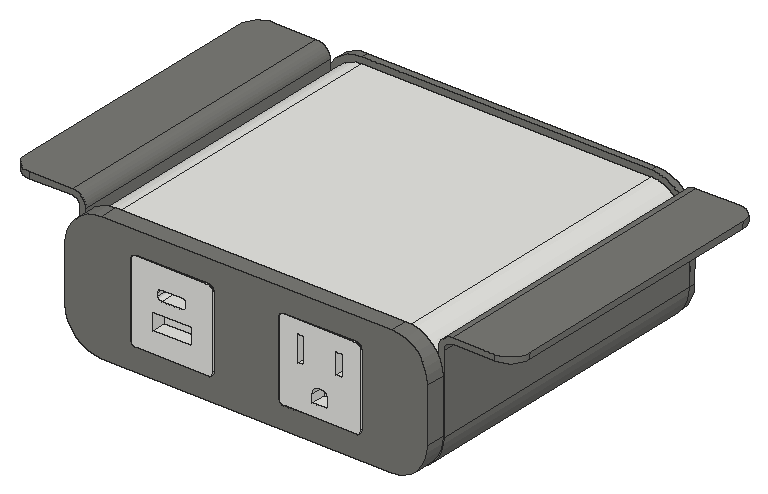
Revit family "Electrical-Teknion-MXPBP_Below_Power_Module-R2023", category Furniture, Revit 2023
Family settings
  OmniClass Number = 23.40.20.00
  OmniClass Title = General Furniture and Specialties
  Work Plane-Based = No
  Enable Cutting in Views = No
  Always vertical = Yes
  Cut with Voids When Loaded = No
  Render Appearance Source = Family Geometry
  Shared = Yes
  Room Calculation Point = No
Parameters (values of type "1 Power/ 1 USB - A+C (18W)/ 1 Power (Rear)")
  Warranty = "http://www.teknion.com/ca/papers/legal-canada"
  Unit Weight URL = "http://www.teknion.com/ca/tools/assets#&asset=bee6a381-b954-425e-8283-5a2de3a804f2,f828d448-4b62-4231-9e5f-9a8991c0ed77"
  URL = "www.teknion.com"
  To render please download texture images found here [instance] = "https://assets.teknion.com/web/5e81352c1dfdb467/revit-material-swatches/"
  Sustainability Data = "https://www.teknion.com/ca/tools/assets#&topic=216f99a5-57a0-44fc-b10a-9dee9b29ae4c&asset=444deb64-fe58-4b68-981e-f75e97781df7,b4ff2d81-9f2e-437d-9659-7cffb09c31cf"
  Series = "Expansion Meeting"  # constant formula
  Receptacle Finish [instance] = Plastic - Teknion - 8D - Atrium White
  Rear - Power = or([RA - 1 Power/ 1 USB - A+C (65W)/ 1 Power (Rear)], [RB - 1 Power/ 1 USB - A+C (18W)/ 1 Power (Rear)], [RC - 2 Power/ 1 Power (Rear)])  # yes
  Rear - HDMI = [RD - 1 Power/ 1 HDMI/ 1 HDMI (Rear)]  # no
  RD - 1 Power/ 1 HDMI/ 1 HDMI (Rear) = no
  RC - 2 Power/ 1 Power (Rear) = no
  RB - 1 Power/ 1 USB - A+C (18W)/ 1 Power (Rear) = yes
  RA - 1 Power/ 1 USB - A+C (65W)/ 1 Power (Rear) = no
  Product Page URL = "http://www.teknion.com/pricing/Expansion-meeting/pdfs/MXPBP_ppg.pdf"
  Product Line = "Electrical/Accesories"  # constant formula
  Product Documentation Link = "http://www.teknion.com/pricing/Expansion-meeting/pdfs/MXPBP_ppg.pdf"
  Part Number = "MXPBP"  # constant formula
  Model = "MXPBP_URB_"
  Manufacturer Phone = "416-661-3370"  # constant formula
  Manufacturer Fax = "416.661.4586"  # constant formula
  Manufacturer Contact Information = "http://www.teknion.com/ca/contactus"
  Manufacturer Address = "1150 Flint Road, Toronto, ON. M3J 2J5. Canada"  # constant formula
  Manufacturer = "Teknion"  # constant formula
  How To Use Teknion Materials User Guide [instance] = "https://assets.teknion.com/m/205dd0a49fa58060/original/How-to-add-a-Material-Library-and-Texture-Images-to-your-Revit-project.pdf"
  Front - USB (65W) = [RA - 1 Power/ 1 USB - A+C (65W)/ 1 Power (Rear)]  # no
  Front - USB (18W) = [RB - 1 Power/ 1 USB - A+C (18W)/ 1 Power (Rear)]  # yes
  Front - Power 2 = or([RA - 1 Power/ 1 USB - A+C (65W)/ 1 Power (Rear)], [RB - 1 Power/ 1 USB - A+C (18W)/ 1 Power (Rear)], [RC - 2 Power/ 1 Power (Rear)])  # yes
  Front - Power 1 = or([RC - 2 Power/ 1 Power (Rear)], [RD - 1 Power/ 1 HDMI/ 1 HDMI (Rear)])  # no
  Front - HDMI = [RD - 1 Power/ 1 HDMI/ 1 HDMI (Rear)]  # no
  For Additional Finishes please visit [instance] = "https://assets.teknion.com/m/44a8009b046e5d47/original/Teknion_Materials_Library.zip"
  Faceplate Finish [instance] = Paint - Teknion - Mica - Anthracite
  Description = "Below Power Module, Standard Plug-In, Standard Undermount, 1 Power/ 1 USB - A+C (18W)/ 1 Power (Rear) Configuration"
  Default Elevation = 0.000"
  Bracket Finish [instance] = Paint - Teknion - Mica - Anthracite
  Assembly Code = "E2020200"
Reference planes (in)
  plane 1 "Center Front/Back": y = 0.44001
  plane 2: z = 0
  plane 3 "Center Left/Right": x = 0.1508
  plane 4 "Left": x = -3.1366
  plane 5 "Right": x = 3.43821
  plane 6 "Back": y = 2.65882
  plane 7 "Front": y = -1.7788
  plane 8 "Top": z = 28.00005
  plane 9: x = -0.81376
  plane 10: x = 1.11537
Forms (in)
  Sweep 1, solid, material "Paint - Teknion - Mica - Anthracite" <- "Bracket Finish"
    path origin (0, 0, 0) x (1, 0, 0) y (0, 1, 0)
      loop
        line (0.1508, 2.46136) -> (0.1508, -1.51502)
    profile origin (0.1508, 0.47317, 0) x (1, 0, 0) y (0, 0, 1)
      loop
        line (-2.47785, 28.00005) -> (-2.47785, 27.92505)
        arc (-2.47785, 27.92505) -> (-2.40735, 27.89585) -> (-2.37815, 27.82535) r 0.0997
        line (-2.37815, 27.82535) -> (-2.37815, 26.79925)
        arc (-2.37815, 26.79925) -> (-2.24087, 26.46783) -> (-1.90945, 26.33055) r 0.4687
        line (-1.90945, 26.33055) -> (1.90945, 26.33055)
        arc (1.90945, 26.33055) -> (2.24087, 26.46783) -> (2.37815, 26.79925) r 0.4687
        line (2.37815, 26.79925) -> (2.37815, 27.82535)
        arc (2.37815, 27.82535) -> (2.40735, 27.89585) -> (2.47785, 27.92505) r 0.0997
        line (2.47785, 27.92505) -> (2.47785, 28.00005)
        arc (2.47785, 28.00005) -> (2.35432, 27.94888) -> (2.30315, 27.82535) r 0.1747
        line (2.30315, 27.82535) -> (2.30315, 26.79925)
        arc (2.30315, 26.79925) -> (2.18784, 26.52086) -> (1.90945, 26.40555) r 0.3937
        line (1.90945, 26.40555) -> (-1.90945, 26.40555)
        arc (-1.90945, 26.40555) -> (-2.18784, 26.52086) -> (-2.30315, 26.79925) r 0.3937
        line (-2.30315, 26.79925) -> (-2.30315, 27.82535)
        arc (-2.30315, 27.82535) -> (-2.35432, 27.94888) -> (-2.47785, 28.00005) r 0.1747
  Sweep 2, solid, material "Paint - Teknion - Mica - Anthracite" <- "Bracket Finish"
    path origin (0, 0.44001, 0) x (1, 0, 0) y (0, 0, 1)
      loop
        line (0.1508, 28.00005) -> (0.1508, 27.92505)
    profile origin (0.1508, 0.44001, 27.96255) x (0, -1, 0) y (1, 0, 0)
      loop
        line (1.95503, -2.47785) -> (-2.02135, -2.47785) -> (-2.02135, -3.03741)
        arc (-2.02135, -3.03741) -> (-1.94813, -3.21418) -> (-1.77135, -3.28741) r 0.25
        line (-1.77135, -3.28741) -> (1.70503, -3.28741)
        arc (1.70503, -3.28741) -> (1.88181, -3.21418) -> (1.95503, -3.03741) r 0.25
        line (1.95503, -3.03741) -> (1.95503, -2.47785)
      loop
        line (1.95503, 2.47785) -> (1.95503, 3.03741)
        arc (1.95503, 3.03741) -> (1.88181, 3.21418) -> (1.70503, 3.28741) r 0.25
        line (1.70503, 3.28741) -> (-1.77135, 3.28741)
        arc (-1.77135, 3.28741) -> (-1.94813, 3.21418) -> (-2.02135, 3.03741) r 0.25
        line (-2.02135, 3.03741) -> (-2.02135, 2.47785) -> (1.95503, 2.47785)
  Sweep 3, solid, material "Plastic - Teknion - 8D - Atrium White" <- "Receptacle Finish"
    path origin (0, 0, 0) x (1, 0, 0) y (0, 1, 0)
      loop
        line (0.1508, -1.70202) -> (0.1508, 2.4712)
    profile origin (0.1508, 0.38459, 0) x (-1, 0, 0) y (0, 0, 1)
      loop
        line (1.88976, 27.9213) -> (-1.88976, 27.9213)
        arc (-1.88976, 27.9213) -> (-2.17118, 27.80698) -> (-2.29316, 27.52879) r 0.40354
        line (-2.29316, 27.52879) -> (-2.30315, 27.16343) -> (-2.29316, 26.79806)
        arc (-2.29316, 26.79806) -> (-2.17118, 26.51987) -> (-1.88976, 26.40555) r 0.40354
        line (-1.88976, 26.40555) -> (1.88976, 26.40555)
        arc (1.88976, 26.40555) -> (2.17118, 26.51987) -> (2.29316, 26.79806) r 0.40354
        line (2.29316, 26.79806) -> (2.30315, 27.16343) -> (2.29316, 27.52879)
        arc (2.29316, 27.52879) -> (2.17118, 27.80698) -> (1.88976, 27.9213) r 0.40354
  Sweep 4, solid, material "Paint - Teknion - Mica - Anthracite" <- "Faceplate Finish"
    path origin (0, 0, 0) x (1, 0, 0) y (0, 1, 0)
      loop
        line (0.1508, 2.55979) -> (0.1508, 2.4712)
    profile origin (0.1508, 2.5155, 0) x (1, 0, 0) y (0, 0, 1)
      loop
        arc (-1.88976, 28.00003) -> (-2.22609, 27.8634) -> (-2.37187, 27.53094) r 0.48228
        line (-2.37187, 27.53094) -> (-2.38192, 27.16343) -> (-2.37187, 26.79592)
        arc (-2.37187, 26.79592) -> (-2.22609, 26.46345) -> (-1.88976, 26.32682) r 0.48228
        line (-1.88976, 26.32682) -> (1.88976, 26.32682)
        arc (1.88976, 26.32682) -> (2.22609, 26.46345) -> (2.37187, 26.79592) r 0.48228
        line (2.37187, 26.79592) -> (2.38192, 27.16343) -> (2.37187, 27.53094)
        arc (2.37187, 27.53094) -> (2.22609, 27.8634) -> (1.88976, 28.00003) r 0.48228
        line (1.88976, 28.00003) -> (-1.88976, 28.00003)
      loop
        line (1.88707, 27.7245) -> (-1.88707, 27.7245)
        arc (-1.88707, 27.7245) -> (-2.03117, 27.66482) -> (-2.09085, 27.52072) r 0.20378
        line (-2.09085, 27.52072) -> (-2.09085, 26.80613)
        arc (-2.09085, 26.80613) -> (-2.03117, 26.66204) -> (-1.88707, 26.60235) r 0.20378
        line (-1.88707, 26.60235) -> (1.88707, 26.60235)
        arc (1.88707, 26.60235) -> (2.03117, 26.66204) -> (2.09085, 26.80613) r 0.20378
        line (2.09085, 26.80613) -> (2.09085, 27.52072)
        arc (2.09085, 27.52072) -> (2.03117, 27.66482) -> (1.88707, 27.7245) r 0.20378
  Sweep 5, void
    path origin (0, 0, 0) x (1, 0, 0) y (0, 1, 0)
      loop
        line (0.1508, -1.58194) -> (0.1508, -1.7788)
    profile origin (0.1508, -1.68037, 0) x (1, 0, 0) y (0, 0, 1)
      loop
        line (-0.48972, 27.70597) -> (-1.43939, 27.70597)
        arc (-1.43939, 27.70597) -> (-1.48726, 27.68614) -> (-1.50709, 27.63827) r 0.0677
        line (-1.50709, 27.63827) -> (-1.50709, 26.68858)
        arc (-1.50709, 26.68858) -> (-1.48726, 26.64071) -> (-1.43939, 26.62088) r 0.0677
        line (-1.43939, 26.62088) -> (-0.48972, 26.62088)
        arc (-0.48972, 26.62088) -> (-0.44185, 26.64071) -> (-0.42203, 26.68858) r 0.0677
        line (-0.42203, 26.68858) -> (-0.42203, 27.63827)
        arc (-0.42203, 27.63827) -> (-0.44185, 27.68614) -> (-0.48972, 27.70597) r 0.0677
      loop
        line (1.43941, 27.70597) -> (0.48974, 27.70597)
        arc (0.48974, 27.70597) -> (0.44187, 27.68614) -> (0.42205, 27.63827) r 0.0677
        line (0.42205, 27.63827) -> (0.42205, 26.68858)
        arc (0.42205, 26.68858) -> (0.44187, 26.64071) -> (0.48974, 26.62088) r 0.0677
        line (0.48974, 26.62088) -> (1.43941, 26.62088)
        arc (1.43941, 26.62088) -> (1.48728, 26.64071) -> (1.50711, 26.68858) r 0.0677
        line (1.50711, 26.68858) -> (1.50711, 27.63827)
        arc (1.50711, 27.63827) -> (1.48728, 27.68614) -> (1.43941, 27.70597) r 0.0677
  Sweep 6, solid, material "Paint - Teknion - Mica - Anthracite" <- "Faceplate Finish"
    path origin (0, 0, 0) x (1, 0, 0) y (0, 1, 0)
      loop
        line (0.1508, -1.5347) -> (0.1508, -1.77092)
    profile origin (0.1508, -1.65281, 0) x (1, 0, 0) y (0, 0, 1)
      loop
        line (1.88976, 27.99312) -> (-1.88976, 27.99312)
        arc (-1.88976, 27.99312) -> (-2.2259, 27.85389) -> (-2.36513, 27.51776) r 0.47536
        line (-2.36513, 27.51776) -> (-2.36513, 26.8091)
        arc (-2.36513, 26.8091) -> (-2.2259, 26.47296) -> (-1.88976, 26.33373) r 0.47536
        line (-1.88976, 26.33373) -> (1.88976, 26.33373)
        arc (1.88976, 26.33373) -> (2.2259, 26.47296) -> (2.36513, 26.8091) r 0.47536
        line (2.36513, 26.8091) -> (2.36513, 27.51776)
        arc (2.36513, 27.51776) -> (2.2259, 27.85389) -> (1.88976, 27.99312) r 0.47536
      loop
        arc (-1.50711, 26.68977) -> (-1.48693, 26.64106) -> (-1.43823, 26.62088) r 0.06888
        line (-1.43823, 26.62088) -> (-0.49091, 26.62088)
        arc (-0.49091, 26.62088) -> (-0.4422, 26.64106) -> (-0.42203, 26.68977) r 0.06888
        line (-0.42203, 26.68977) -> (-0.42203, 27.63708)
        arc (-0.42203, 27.63708) -> (-0.4422, 27.68579) -> (-0.49091, 27.70597) r 0.06888
        line (-0.49091, 27.70597) -> (-1.43823, 27.70597)
        arc (-1.43823, 27.70597) -> (-1.48693, 27.68579) -> (-1.50711, 27.63708) r 0.06888
        line (-1.50711, 27.63708) -> (-1.50711, 26.68977)
      loop
        arc (0.42203, 26.68977) -> (0.4422, 26.64106) -> (0.49091, 26.62088) r 0.06888
        line (0.49091, 26.62088) -> (1.43823, 26.62088)
        arc (1.43823, 26.62088) -> (1.48693, 26.64106) -> (1.50711, 26.68977) r 0.06888
        line (1.50711, 26.68977) -> (1.50711, 27.63708)
        arc (1.50711, 27.63708) -> (1.48693, 27.68579) -> (1.43823, 27.70597) r 0.06888
        line (1.43823, 27.70597) -> (0.49091, 27.70597)
        arc (0.49091, 27.70597) -> (0.4422, 27.68579) -> (0.42203, 27.63708) r 0.06888
        line (0.42203, 27.63708) -> (0.42203, 26.68977)
Cuts and joins
  joined: Sweep 1, Sweep 2
  Sweep 5 cuts Sweep 3
Lines and regions (in)
  Masking region 1
    outline origin (0, 0, 0) x (1, 0, 0) y (0, 1, 0)
      loop
        line (-2.18454, 2.46136) -> (-2.8866, 2.46136)
        arc (-2.8866, 2.46136) -> (-3.06338, 2.38814) -> (-3.1366, 2.21136) r 0.25
        line (-3.1366, 2.21136) -> (-3.1366, -1.26502)
        arc (-3.1366, -1.26502) -> (-3.06338, -1.44179) -> (-2.8866, -1.51502) r 0.25
        line (-2.8866, -1.51502) -> (-2.18046, -1.51502) -> (-2.15235, -1.5347) -> (-2.21432, -1.5347) -> (-2.21432, -1.77092) -> (-1.37767, -1.77092) -> (-1.34526, -1.7788) -> (-0.28227, -1.7788) -> (-0.24986, -1.77092) -> (0.55147, -1.77092) -> (0.58387, -1.7788) -> (1.64687, -1.7788) -> (1.67927, -1.77092) -> (2.51593, -1.77092) -> (2.51593, -1.5347) -> (2.45396, -1.5347) -> (2.48207, -1.51502) -> (3.18821, -1.51502)
        arc (3.18821, -1.51502) -> (3.36498, -1.44179) -> (3.43821, -1.26502) r 0.25
        line (3.43821, -1.26502) -> (3.43821, 2.21136)
        arc (3.43821, 2.21136) -> (3.36498, 2.38814) -> (3.18821, 2.46136) r 0.25
        line (3.18821, 2.46136) -> (2.48615, 2.46136) -> (2.45396, 2.4712) -> (2.53273, 2.4712) -> (2.53273, 2.55979) -> (1.64687, 2.55979) -> (1.64687, 2.65882) -> (0.58387, 2.65882) -> (0.58387, 2.55979) -> (-2.23112, 2.55979) -> (-2.23112, 2.4712) -> (-2.15235, 2.4712) -> (-2.18454, 2.46136)
  symbolic lines
    curve 1: line (-2.15235, 2.55979, 0) -> (2.45396, 2.55979, 0)
    curve 2: line (-2.23112, 2.4712, 0) -> (2.53273, 2.4712, 0)
    curve 3: line (-2.15235, 2.4712, 0) -> (-2.15235, -1.5347, 0)
    curve 4: line (2.45396, 2.4712, 0) -> (2.45396, -1.5347, 0)
    curve 5: line (-2.21432, -1.5347, 0) -> (2.51593, -1.5347, 0)
    curve 6: line (-2.15235, -1.77092, 0) -> (2.45396, -1.77092, 0)
  symbolic lines, style "FurnitureHiddenLines", detail levels medium+fine
    curve 7: line (-2.8866, -1.51502, 0) -> (3.18821, -1.51502, 0)
    curve 8: line (3.18821, 2.46136, 0) -> (-2.8866, 2.46136, 0)
    curve 9: line (0.58387, 2.46985, 0) -> (0.58387, 2.65882, 0)
    curve 10: line (1.64687, 2.65882, 0) -> (1.64687, 2.46985, 0)
    curve 11: line (1.64687, 2.46985, 0) -> (0.58387, 2.46985, 0)
    curve 12: line (2.45396, -1.70202, 0) -> (-2.15235, -1.70202, 0)
    curve 13: line (-2.15235, -1.70202, 0) -> (-2.15235, -1.5347, 0)
    curve 14: line (2.45396, -1.70202, 0) -> (2.45396, -1.5347, 0)
    curve 15: line (-1.35631, -1.58194, 0) -> (1.65791, -1.58194, 0)
    curve 16: line (-1.35631, -1.5347, 0) -> (-1.35631, -1.77092, 0)
    curve 17: line (-1.34526, -1.58982, 0) -> (-1.34526, -1.7788, 0)
    curve 18: line (-1.34526, -1.58982, 0) -> (-0.28227, -1.58982, 0)
    curve 19: line (-0.28227, -1.58982, 0) -> (-0.28227, -1.7788, 0)
    curve 20: line (-0.27122, -1.5347, 0) -> (-0.27122, -1.77092, 0)
    curve 21: line (0.57283, -1.5347, 0) -> (0.57283, -1.77092, 0)
    curve 22: line (0.58387, -1.58982, 0) -> (1.64687, -1.58982, 0)
    curve 23: line (1.64687, -1.58982, 0) -> (1.64687, -1.7788, 0)
    curve 24: line (0.58387, -1.58982, 0) -> (0.58387, -1.7788, 0)
    curve 25: line (1.65791, -1.5347, 0) -> (1.65791, -1.77092, 0)
    curve 56: line (2.24165, 2.55979, 0) -> (2.24165, 2.4712, 0)
    curve 57: line (-1.94005, 2.55979, 0) -> (-1.94005, 2.4712, 0)
  symbolic lines, style "FurnitureHiddenLines", visible <- "Rear - HDMI", detail levels fine
    curve 26: line (0.80435, 2.46985, 0) -> (0.80435, 2.65882, 0)
    curve 27: line (1.44608, 2.65882, 0) -> (1.44608, 2.46985, 0)
  symbolic lines, style "FurnitureHiddenLines", visible <- "Rear - Power", detail levels fine
    curve 28: line (0.82206, 2.46985, 0) -> (0.82206, 2.65882, 0)
    curve 29: line (0.90868, 2.46985, 0) -> (0.90868, 2.65882, 0)
    curve 30: line (1.01301, 2.46985, 0) -> (1.01301, 2.65882, 0)
    curve 31: line (1.21773, 2.46985, 0) -> (1.21773, 2.65882, 0)
    curve 32: line (1.32206, 2.46985, 0) -> (1.32206, 2.65882, 0)
    curve 33: line (1.40868, 2.46985, 0) -> (1.40868, 2.65882, 0)
  symbolic lines, style "FurnitureHiddenLines", visible <- "Front - Power 1", detail levels fine
    curve 34: line (-1.10707, -1.58982, 0) -> (-1.10707, -1.7788, 0)
    curve 35: line (-1.02046, -1.58982, 0) -> (-1.02046, -1.7788, 0)
    curve 36: line (-0.91613, -1.58982, 0) -> (-0.91613, -1.7788, 0)
    curve 37: line (-0.7114, -1.58982, 0) -> (-0.7114, -1.7788, 0)
    curve 38: line (-0.60707, -1.58982, 0) -> (-0.60707, -1.7788, 0)
    curve 39: line (-0.52046, -1.58982, 0) -> (-0.52046, -1.7788, 0)
  symbolic lines, style "FurnitureHiddenLines", visible <- "Front - USB (65W)", detail levels fine
    curve 40: line (-1.07508, -1.7788, 0) -> (-1.07508, -1.58982, 0)
    curve 41: line (-0.85264, -1.58982, 0) -> (-0.85264, -1.7788, 0)
    curve 42: line (-0.69024, -1.58982, 0) -> (-0.69024, -1.7788, 0)
    curve 43: line (-0.55245, -1.58982, 0) -> (-0.55245, -1.7788, 0)
  symbolic lines, style "FurnitureHiddenLines", visible <- "Front - USB (18W)", detail levels fine
    curve 44: line (-1.07262, -1.58982, 0) -> (-1.07262, -1.7788, 0)
    curve 45: line (-0.99684, -1.58982, 0) -> (-0.99684, -1.7788, 0)
    curve 46: line (-0.63069, -1.58982, 0) -> (-0.63069, -1.7788, 0)
    curve 47: line (-0.55491, -1.58982, 0) -> (-0.55491, -1.7788, 0)
  symbolic lines, style "FurnitureHiddenLines", visible <- "Front - HDMI", detail levels fine
    curve 48: line (0.78466, -1.7788, 0) -> (0.78466, -1.58982, 0)
    curve 49: line (1.42639, -1.58982, 0) -> (1.42639, -1.7788, 0)
  symbolic lines, style "FurnitureHiddenLines", visible <- "Front - Power 2", detail levels fine
    curve 50: line (0.82206, -1.58982, 0) -> (0.82206, -1.7788, 0)
    curve 51: line (0.90868, -1.58982, 0) -> (0.90868, -1.7788, 0)
    curve 52: line (1.01301, -1.58982, 0) -> (1.01301, -1.7788, 0)
    curve 53: line (1.21773, -1.58982, 0) -> (1.21773, -1.7788, 0)
    curve 54: line (1.32206, -1.58982, 0) -> (1.32206, -1.7788, 0)
    curve 55: line (1.40868, -1.58982, 0) -> (1.40868, -1.7788, 0)
Dimensions and locks (in)
  plane 4 "Left" to plane 5 "Right" = 6.57481"
  plane 6 "Back" to plane 7 "Front" = 4.43762"
  locked: plane 8 "Top" to level at 28.00005
  equal spacing: plane 6 "Back", plane 1 "Center Front/Back", plane 7 "Front"
  equal spacing: plane 4 "Left", plane 3 "Center Left/Right", plane 5 "Right"
  aligned and locked: level to plane 2
  aligned and locked: nested 5 to plane 10
  aligned and locked: nested 5 to plane 6 "Back"
  aligned and locked: nested 3 to plane 10
  aligned and locked: nested 3 to plane 6 "Back"
  aligned and locked: plane 10 to nested 4
  aligned and locked: nested 4 to plane 7 "Front"
  aligned and locked: plane 10 to nested 6
  aligned and locked: nested 6 to plane 7 "Front"
  aligned and locked: nested 1 to plane 9
  aligned and locked: nested 1 to plane 7 "Front"
  aligned and locked: nested 2 to plane 9
  aligned and locked: nested 2 to plane 7 "Front"
  aligned and locked: nested 7 to plane 9
  aligned and locked: nested 7 to plane 7 "Front"
Automatic sketch dimensions
  Sweep 1 sketch curve to plane 3 "Center Left/Right" = 0.000"
  Sweep 1 sketch curve to plane 7 "Front" = 0.26378"
  Sweep 1 sketch curve to plane 6 "Back" = 0.19746"
  Sweep 1 sketch curve to Sweep 1 sketch curve = 0.000"  (x8)
  profile plane to Sweep 1 sketch curve = 2.47785"
  Sweep 1 sketch curve to Sweep 1 sketch curve = 0.0997"  (x2)
  Sweep 1 sketch curve to Sweep 1 sketch curve = 0.075"
  Sweep 1 sketch curve to Sweep 1 sketch curve = 0.3937"  (x2)
  Sweep 1 sketch curve to profile plane = 1.90945"
  level to Sweep 1 sketch curve = 26.33055"
  Sweep 1 sketch curve to Sweep 1 sketch curve = 1.0261"  (x2)
  Sweep 2 sketch curve to plane 8 "Top" = 0.000"
  Sweep 2 sketch curve to plane 8 "Top" = 0.075"
  plane 4 "Left" to Sweep 2 sketch curve = 3.28741"
  Sweep 2 sketch curve to plane 1 "Center Front/Back" = 2.02135"  (x2)
  Sweep 2 sketch curve to Sweep 2 sketch curve = 0.250"  (x4)
  plane 1 "Center Front/Back" to Sweep 2 sketch curve = 1.70503"  (x2)
  profile plane to Sweep 2 sketch curve = 3.28741"
  Sweep 2 sketch curve to Sweep 2 sketch curve = 0.55955"  (x2)
  Sweep 2 sketch curve to profile plane = 2.47785"
  Sweep 3 sketch curve to plane 6 "Back" = 0.18762"
  plane 4 "Left" to Sweep 3 sketch curve = 3.28741"
  Sweep 3 sketch curve to plane 7 "Front" = 0.07677"
  profile plane to Sweep 3 sketch curve = 2.30315"
  Sweep 3 sketch curve to Sweep 3 sketch curve = 0.010"  (x3)
  Sweep 3 sketch curve to Sweep 3 sketch curve = 0.40339"  (x4)
  Sweep 3 sketch curve to profile plane = 1.88976"
  Sweep 3 sketch curve to Sweep 3 sketch curve = 0.000"
  level to Sweep 3 sketch curve = 26.40555"
  Sweep 3 sketch curve to Sweep 3 sketch curve = 0.39251"  (x2)
  Sweep 3 sketch curve to Sweep 3 sketch curve = 0.36537"  (x3)
  Sweep 3 sketch curve to Sweep 3 sketch curve = 0.35433"  (x2)
  Sweep 4 sketch curve to plane 6 "Back" = 0.18762"
  plane 4 "Left" to Sweep 4 sketch curve = 3.28741"
  Sweep 4 sketch curve to Sweep 4 sketch curve = 0.08858"
  plane 7 "Front" to Sweep 5 sketch curve = 0.000"
  plane 3 "Center Left/Right" to Sweep 5 sketch curve = 0.000"
  Sweep 5 sketch curve to plane 7 "Front" = 0.19685"
  profile plane to Sweep 5 sketch curve = 1.50709"
  Sweep 5 sketch curve to Sweep 5 sketch curve = 0.0677"  (x7)
  profile plane to Sweep 5 sketch curve = 0.48972"  (x2)
  Sweep 5 sketch curve to profile plane = 0.42205"
  Sweep 5 sketch curve to Sweep 5 sketch curve = 0.94967"  (x2)
  level to Sweep 5 sketch curve = 26.62088"
  Sweep 5 sketch curve to Sweep 5 sketch curve = 0.94969"  (x2)
  Sweep 6 sketch curve to plane 3 "Center Left/Right" = 0.000"
  Sweep 6 sketch curve to plane 7 "Front" = 0.00787"
  Sweep 6 sketch curve to Sweep 6 sketch curve = 0.23622"
  profile plane to Sweep 6 sketch curve = 2.36513"
  Sweep 6 sketch curve to Sweep 6 sketch curve = 0.47536"  (x3)
  Sweep 6 sketch curve to profile plane = 1.88976"
  Sweep 6 sketch curve to Sweep 6 sketch curve = 0.000"  (x8)
  level to Sweep 6 sketch curve = 26.33373"
  Sweep 6 sketch curve to Sweep 6 sketch curve = 0.70866"
  Sweep 6 sketch curve to Sweep 6 sketch curve = 0.38266"
  Sweep 6 sketch curve to Sweep 6 sketch curve = 0.06888"  (x7)
  profile plane to Sweep 6 sketch curve = 0.49091"  (x2)
  Sweep 6 sketch curve to Sweep 6 sketch curve = 0.18821"  (x2)
  Sweep 6 sketch curve to Sweep 6 sketch curve = 0.11933"  (x2)
  Sweep 6 sketch curve to profile plane = 0.42203"
  Sweep 6 sketch curve to Sweep 6 sketch curve = 0.45154"  (x2)
  Masking region 1 sketch curve to plane 4 "Left" = 0.000"
  plane 7 "Front" to Masking region 1 sketch curve = 0.000"  (x2)
  Masking region 1 sketch curve to plane 6 "Back" = 0.000"
  Masking region 1 sketch curve to plane 5 "Right" = 0.000"
  plane 4 "Left" to Masking region 1 sketch curve = 0.250"  (x2)
  Masking region 1 sketch curve to plane 6 "Back" = 0.09903"  (x2)
  Masking region 1 sketch curve to Masking region 1 sketch curve = 0.65548"
  Masking region 1 sketch curve to plane 7 "Front" = 0.00787"  (x3)
  Masking region 1 sketch curve to Masking region 1 sketch curve = 0.67228"
  Masking region 1 sketch curve to Masking region 1 sketch curve = 0.04658"  (x2)
  Masking region 1 sketch curve to Masking region 1 sketch curve = 0.03386"
  Masking region 1 sketch curve to Masking region 1 sketch curve = 0.02811"  (x2)
  Masking region 1 sketch curve to plane 6 "Back" = 0.18762"  (x2)
  Masking region 1 sketch curve to Masking region 1 sketch curve = 0.03219"  (x2)
  plane 9 to Masking region 1 sketch curve = 0.5639"
  Masking region 1 sketch curve to Masking region 1 sketch curve = 0.03241"  (x4)
  Masking region 1 sketch curve to plane 3 "Center Left/Right" = 0.43307"
  plane 3 "Center Left/Right" to Masking region 1 sketch curve = 0.43307"  (x2)
  plane 10 to Masking region 1 sketch curve = 0.5315"  (x2)
  Masking region 1 sketch curve to Masking region 1 sketch curve = 0.80709"  (x2)
  Masking region 1 sketch curve to plane 7 "Front" = 0.24409"  (x2)
  Masking region 1 sketch curve to plane 7 "Front" = 0.26378"
  Masking region 1 sketch curve to plane 6 "Back" = 0.19746"
  Masking region 1 sketch curve to Masking region 1 sketch curve = 0.06197"
  Masking region 1 sketch curve to Masking region 1 sketch curve = 0.250"  (x2)
  Masking region 1 sketch curve to Masking region 1 sketch curve = 0.01969"
  Masking region 1 sketch curve to plane 6 "Back" = 0.44746"
  profile plane to Sweep 4 sketch curve = 2.38192"
  Sweep 4 sketch curve to Sweep 4 sketch curve = 0.01006"  (x3)
  Sweep 4 sketch curve to Sweep 4 sketch curve = 0.28102"  (x3)
  Sweep 4 sketch curve to Sweep 4 sketch curve = 0.20109"  (x3)
  Sweep 4 sketch curve to Sweep 4 sketch curve = 0.00269"  (x4)
  Sweep 4 sketch curve to profile plane = 1.88707"
  Sweep 4 sketch curve to Sweep 4 sketch curve = 0.000"
  level to Sweep 4 sketch curve = 26.32682"
  Sweep 4 sketch curve to Sweep 4 sketch curve = 0.27553"
  Sweep 4 sketch curve to Sweep 4 sketch curve = 0.01021"  (x3)
  Sweep 4 sketch curve to Sweep 4 sketch curve = 0.36751"  (x2)
  Sweep 4 sketch curve to Sweep 4 sketch curve = 0.35432"  (x2)
  Sweep 4 sketch curve to Sweep 4 sketch curve = 0.00298"
  plane 7 "Front" to curve 17 = 0.000"
  plane 7 "Front" to curve 34 = 0.000"
  plane 7 "Front" to curve 40 = 0.000"
  plane 7 "Front" to curve 44 = 0.000"
  plane 7 "Front" to curve 35 = 0.000"
  plane 7 "Front" to curve 45 = 0.000"
  plane 7 "Front" to curve 36 = 0.000"
  plane 7 "Front" to curve 41 = 0.000"
  plane 7 "Front" to curve 37 = 0.000"
  plane 7 "Front" to curve 42 = 0.000"
  plane 7 "Front" to curve 46 = 0.000"
  plane 7 "Front" to curve 38 = 0.000"
  plane 7 "Front" to curve 47 = 0.000"
  plane 7 "Front" to curve 43 = 0.000"
  plane 7 "Front" to curve 39 = 0.000"
  plane 7 "Front" to curve 19 = 0.000"
  plane 7 "Front" to curve 24 = 0.000"
  curve 9 to plane 6 "Back" = 0.000"
  plane 7 "Front" to curve 48 = 0.000"
  curve 26 to plane 6 "Back" = 0.000"
  plane 7 "Front" to curve 50 = 0.000"
  curve 28 to plane 6 "Back" = 0.000"
  plane 7 "Front" to curve 51 = 0.000"
  curve 29 to plane 6 "Back" = 0.000"
  curve 30 to plane 6 "Back" = 0.000"
  plane 7 "Front" to curve 52 = 0.000"
  plane 7 "Front" to curve 53 = 0.000"
  curve 31 to plane 6 "Back" = 0.000"
  plane 7 "Front" to curve 54 = 0.000"
  curve 32 to plane 6 "Back" = 0.000"
  curve 33 to plane 6 "Back" = 0.000"
  plane 7 "Front" to curve 55 = 0.000"
  plane 7 "Front" to curve 49 = 0.000"
  curve 27 to plane 6 "Back" = 0.000"
  curve 10 to plane 6 "Back" = 0.000"
  plane 7 "Front" to curve 23 = 0.000"
  curve 3 to plane 7 "Front" = 0.24409"
  plane 4 "Left" to curve 3 = 0.98425"
  curve 18 to plane 7 "Front" = 0.18898"
  plane 9 to curve 18 = 0.5315"
  curve 18 to plane 3 "Center Left/Right" = 0.43307"
  curve 11 to plane 6 "Back" = 0.18898"
  plane 3 "Center Left/Right" to curve 11 = 0.43307"
  curve 22 to plane 7 "Front" = 0.18898"
  plane 3 "Center Left/Right" to curve 22 = 0.43307"
  plane 10 to curve 23 = 0.5315"
  plane 10 to curve 10 = 0.5315"
  curve 4 to plane 7 "Front" = 0.24409"
  curve 22 to curve 4 = 0.80709"
  curve 14 to plane 7 "Front" = 0.07677"
  curve 5 to curve 3 = 0.06197"
  curve 2 to curve 3 = 0.07877"
  plane 4 "Left" to curve 7 = 0.250"
  plane 4 "Left" to curve 8 = 0.250"
  curve 6 to plane 7 "Front" = 0.00787"
  curve 6 to curve 12 = 0.000"  (x2)
  curve 1 to curve 3 = 0.000"
  curve 57 to plane 6 "Back" = 0.09903"
  curve 1 to curve 57 = 0.2123"
  curve 16 to curve 17 = 0.01105"
  curve 17 to curve 34 = 0.23819"
  curve 34 to curve 40 = 0.03199"
  curve 40 to curve 44 = 0.00246"
  curve 44 to curve 35 = 0.05217"
  curve 35 to curve 45 = 0.02362"
  curve 45 to curve 36 = 0.08071"
  plane 9 to curve 41 = 0.03888"
  curve 37 to plane 9 = 0.10236"
  curve 37 to curve 42 = 0.02116"
  curve 42 to curve 46 = 0.05955"
  curve 46 to curve 38 = 0.02362"
  curve 38 to curve 47 = 0.05217"
  curve 47 to curve 43 = 0.00246"
  curve 43 to curve 39 = 0.03199"
  curve 18 to curve 20 = 0.01105"
  curve 21 to curve 24 = 0.01105"
  curve 24 to curve 48 = 0.20079"
  curve 9 to curve 26 = 0.22047"
  curve 26 to curve 28 = 0.01772"
  curve 48 to curve 50 = 0.0374"
  curve 50 to curve 51 = 0.08661"
  curve 28 to curve 29 = 0.08661"
  curve 30 to plane 10 = 0.10236"
  curve 52 to plane 10 = 0.10236"
  plane 10 to curve 53 = 0.10236"
  plane 10 to curve 31 = 0.10236"
  curve 53 to curve 54 = 0.10433"
  curve 31 to curve 32 = 0.10433"
  curve 32 to curve 33 = 0.08661"
  curve 54 to curve 55 = 0.08661"
  curve 55 to curve 49 = 0.01772"
  curve 33 to curve 27 = 0.0374"
  curve 23 to curve 25 = 0.01105"
  curve 56 to curve 4 = 0.2123"
  curve 1 to curve 4 = 0.000"
  curve 4 to curve 5 = 0.06197"
  curve 4 to curve 2 = 0.07877"
  plane 5 "Right" to curve 7 = 0.250"
  plane 5 "Right" to curve 8 = 0.250"
  curve 17 to curve 15 = 0.00787"
  curve 18 to curve 20 = 0.05512"
  curve 7 to plane 7 "Front" = 0.26378"
  curve 8 to plane 6 "Back" = 0.19746"
  curve 4 to curve 1 = 0.08858"
Nested families (in)
  nested 1: "USB - A + C (65W)" at (-0.86317, -1.71143, 0), visible <- "Front - USB (65W)", Receptacle Finish <- "Receptacle Finish", type "USB - A + C (65W)"
    with To render please download texture images found here "https://assets.teknion.com/web/5e81352c1dfdb467/revit-material-swatches/", Receptacle Finish Plastic - Teknion - 8D - Atrium White, How To Use Teknion Materials User Guide "https://assets.teknion.com/m/205dd0a49fa58060/original/How-to-add-a-Material-Library-and-Texture-Images-to-your-Revit-project.pdf", For Additional Finishes please visit "https://assets.teknion.com/m/44a8009b046e5d47/original/Teknion_Materials_Library.zip"
  nested 2: "USB - A + C (18W)" at (-0.86317, -1.71143, 0), visible <- "Front - USB (18W)", Receptacle Finish <- "Receptacle Finish", type "USB - A + C (18W)"
    with To render please download texture images found here "https://assets.teknion.com/web/5e81352c1dfdb467/revit-material-swatches/", Receptacle Finish Plastic - Teknion - 8D - Atrium White, How To Use Teknion Materials User Guide "https://assets.teknion.com/m/205dd0a49fa58060/original/How-to-add-a-Material-Library-and-Texture-Images-to-your-Revit-project.pdf", For Additional Finishes please visit "https://assets.teknion.com/m/44a8009b046e5d47/original/Teknion_Materials_Library.zip"
  nested 3: "HDMI" at (1.16477, 2.59146, 0) x (-1, 0, 0) z (0, 0, 1), visible <- "Rear - HDMI", Receptacle Finish <- "Receptacle Finish", type "HDMI"
    with To render please download texture images found here "https://assets.teknion.com/web/5e81352c1dfdb467/revit-material-swatches/", Receptacle Finish Plastic - Teknion - 8D - Atrium White, How To Use Teknion Materials User Guide "https://assets.teknion.com/m/205dd0a49fa58060/original/How-to-add-a-Material-Library-and-Texture-Images-to-your-Revit-project.pdf", For Additional Finishes please visit "https://assets.teknion.com/m/44a8009b046e5d47/original/Teknion_Materials_Library.zip"
  nested 4: "Power" at (1.06597, -1.71143, 0), visible <- "Front - Power 2", Receptacle Finish <- "Receptacle Finish", type "Power"
    with To render please download texture images found here "https://assets.teknion.com/web/5e81352c1dfdb467/revit-material-swatches/", Receptacle Finish Plastic - Teknion - 8D - Atrium White, How To Use Teknion Materials User Guide "https://assets.teknion.com/m/205dd0a49fa58060/original/How-to-add-a-Material-Library-and-Texture-Images-to-your-Revit-project.pdf", For Additional Finishes please visit "https://assets.teknion.com/m/44a8009b046e5d47/original/Teknion_Materials_Library.zip"
  nested 5: "Power" at (1.16477, 2.59146, 0) x (-1, 0, 0) z (0, 0, 1), visible <- "Rear - Power", Receptacle Finish <- "Receptacle Finish", type "Power"
    with To render please download texture images found here "https://assets.teknion.com/web/5e81352c1dfdb467/revit-material-swatches/", Receptacle Finish Plastic - Teknion - 8D - Atrium White, How To Use Teknion Materials User Guide "https://assets.teknion.com/m/205dd0a49fa58060/original/How-to-add-a-Material-Library-and-Texture-Images-to-your-Revit-project.pdf", For Additional Finishes please visit "https://assets.teknion.com/m/44a8009b046e5d47/original/Teknion_Materials_Library.zip"
  nested 6: "HDMI" at (1.06597, -1.71143, 0), visible <- "Front - HDMI", Receptacle Finish <- "Receptacle Finish", type "HDMI"
    with To render please download texture images found here "https://assets.teknion.com/web/5e81352c1dfdb467/revit-material-swatches/", Receptacle Finish Plastic - Teknion - 8D - Atrium White, How To Use Teknion Materials User Guide "https://assets.teknion.com/m/205dd0a49fa58060/original/How-to-add-a-Material-Library-and-Texture-Images-to-your-Revit-project.pdf", For Additional Finishes please visit "https://assets.teknion.com/m/44a8009b046e5d47/original/Teknion_Materials_Library.zip"
  nested 7: "Power" at (-0.86317, -1.71143, 0), visible <- "Front - Power 1", Receptacle Finish <- "Receptacle Finish", type "Power"
    with To render please download texture images found here "https://assets.teknion.com/web/5e81352c1dfdb467/revit-material-swatches/", Receptacle Finish Plastic - Teknion - 8D - Atrium White, How To Use Teknion Materials User Guide "https://assets.teknion.com/m/205dd0a49fa58060/original/How-to-add-a-Material-Library-and-Texture-Images-to-your-Revit-project.pdf", For Additional Finishes please visit "https://assets.teknion.com/m/44a8009b046e5d47/original/Teknion_Materials_Library.zip"
  nested 8: "Teknion_2D_Node_Family-R2016" at (0.1508, -1.77092, 0), type "Teknion_2D_Node_Family-R2016"
Definition of nested family "USB - A + C (65W)"
  Parameters (values of type "USB - A + C (65W)")
    Warranty = "http://www.teknion.com/ca/papers/legal-canada"
    Unit Weight URL = "http://www.teknion.com/ca/tools/assets#&asset=bee6a381-b954-425e-8283-5a2de3a804f2,f828d448-4b62-4231-9e5f-9a8991c0ed77"
    URL = "www.teknion.com"
    To render please download texture images found here [instance] = "https://assets.teknion.com/web/5e81352c1dfdb467/revit-material-swatches/"
    Sustainability Data = "https://www.teknion.com/ca/tools/assets#&topic=216f99a5-57a0-44fc-b10a-9dee9b29ae4c&asset=444deb64-fe58-4b68-981e-f75e97781df7,b4ff2d81-9f2e-437d-9659-7cffb09c31cf"
    Series = ""
    Receptacle Finish [instance] = none
    Product Page URL = ""
    Product Line = ""
    Product Documentation Link = ""
    Part Number = ""
    Model = ""
    Manufacturer Phone = "416-661-3370"  # constant formula
    Manufacturer Fax = "416.661.4586"  # constant formula
    Manufacturer Contact Information = "http://www.teknion.com/ca/contactus"
    Manufacturer Address = "1150 Flint Road, Toronto, ON. M3J 2J5. Canada"  # constant formula
    Manufacturer = "Teknion"  # constant formula
    How To Use Teknion Materials User Guide [instance] = "https://assets.teknion.com/m/205dd0a49fa58060/original/How-to-add-a-Material-Library-and-Texture-Images-to-your-Revit-project.pdf"
    For Additional Finishes please visit [instance] = "https://assets.teknion.com/m/44a8009b046e5d47/original/Teknion_Materials_Library.zip"
    Description = "USB - A + C (65W)"
    Default Elevation = 0.000"
    Assembly Code = "E2020200"
  Reference planes (in)
    plane 1 "Center Front/Back": y = 0.02712
    plane 2: z = 0
    plane 3 "Center Left/Right": x = 0.0494
    plane 4 "Left": x = -0.48209
    plane 5 "Right": x = 0.5809
    plane 6 "Back": y = 0.12161
    plane 7 "Front": y = -0.06737
    plane 8 "Top": z = 27.69492
    plane 9: z = 26.63193
  Forms (in)
    Sweep 1, solid, material <- "Receptacle Finish"
      path origin (0, 0, 0) x (1, 0, 0) y (0, 1, 0)
        loop
          line (0.0494, 0.12161) -> (0.0494, -0.06737)
      profile origin (0.0494, 0.02712, 0) x (1, 0, 0) y (0, 0, 1)
        loop
          line (0.47244, 27.69492) -> (-0.47244, 27.69492)
          arc (-0.47244, 27.69492) -> (-0.5142, 27.67763) -> (-0.5315, 27.63587) r 0.05906
          line (-0.5315, 27.63587) -> (-0.5315, 26.69099)
          arc (-0.5315, 26.69099) -> (-0.5142, 26.64923) -> (-0.47244, 26.63193) r 0.05906
          line (-0.47244, 26.63193) -> (0.47244, 26.63193)
          arc (0.47244, 26.63193) -> (0.5142, 26.64923) -> (0.5315, 26.69099) r 0.05906
          line (0.5315, 26.69099) -> (0.5315, 27.63587)
          arc (0.5315, 27.63587) -> (0.5142, 27.67763) -> (0.47244, 27.69492) r 0.05906
        loop
          line (-0.26132, 27.42209) -> (-0.26132, 26.90437) -> (-0.03888, 26.90437) -> (-0.03888, 27.42209) -> (-0.26132, 27.42209)
        loop
          line (0.26132, 27.10319) -> (0.26132, 27.37484)
          arc (0.26132, 27.37484) -> (0.24748, 27.40825) -> (0.21407, 27.42209) r 0.04724
          line (0.21407, 27.42209) -> (0.17077, 27.42209)
          arc (0.17077, 27.42209) -> (0.13736, 27.40825) -> (0.12352, 27.37484) r 0.04724
          line (0.12352, 27.37484) -> (0.12352, 27.10319)
          arc (0.12352, 27.10319) -> (0.13736, 27.06978) -> (0.17077, 27.05595) r 0.04724
          line (0.17077, 27.05595) -> (0.21407, 27.05595)
          arc (0.21407, 27.05595) -> (0.24748, 27.06978) -> (0.26132, 27.10319) r 0.04724
    Sweep 2, void
      path origin (0, 0, 0) x (1, 0, 0) y (0, 1, 0)
        loop
          line (0.0494, -0.05555) -> (0.0494, -0.12034)
      profile origin (0.0494, -0.08795, 0) x (1, 0, 0) y (0, 0, 1)
        loop
          line (0.09203, 26.95949) -> (0.09203, 26.83547) -> (0.29281, 26.83547) -> (0.29281, 26.95949) -> (0.09203, 26.95949)
        loop
          line (0.08415, 26.96736) -> (0.08415, 26.8276) -> (0.30069, 26.8276) -> (0.30069, 26.96736) -> (0.08415, 26.96736)
  Cuts and joins
    Sweep 2 cuts Sweep 1
  Lines and regions (in)
    symbolic lines
      curve 1: line (-0.48209, 0.12161, 0) -> (0.5809, 0.12161, 0)
      curve 2: line (-0.48209, -0.06737, 0) -> (-0.48209, 0.12161, 0)
      curve 3: line (0.5809, -0.06737, 0) -> (-0.48209, -0.06737, 0)
      curve 4: line (0.5809, 0.12161, 0) -> (0.5809, -0.06737, 0)
    symbolic lines, detail levels medium+fine
      curve 5: line (-0.21192, -0.06737, 0) -> (-0.21192, 0.12161, 0)
      curve 6: line (0.01052, 0.12161, 0) -> (0.01052, -0.06737, 0)
      curve 7: line (0.17293, 0.12161, 0) -> (0.17293, -0.06737, 0)
      curve 8: line (0.31072, 0.12161, 0) -> (0.31072, -0.06737, 0)
  Dimensions and locks (in)
    plane 4 "Left" to plane 5 "Right" = 1.06299"
    plane 6 "Back" to plane 7 "Front" = 0.18898"
    locked: plane 8 "Top" to level at 27.69492
    equal spacing: plane 6 "Back", plane 1 "Center Front/Back", plane 7 "Front"
    equal spacing: plane 4 "Left", plane 3 "Center Left/Right", plane 5 "Right"
    locked: plane 8 "Top" to plane 9 at 1.06299
    aligned and locked: level to plane 2
  Automatic sketch dimensions
    Sweep 1 sketch curve to plane 3 "Center Left/Right" = 0.000"
    plane 7 "Front" to Sweep 1 sketch curve = 0.000"
    Sweep 1 sketch curve to plane 6 "Back" = 0.000"
    profile plane to Sweep 1 sketch curve = 0.5315"
    Sweep 1 sketch curve to Sweep 1 sketch curve = 0.05906"  (x3)
    profile plane to Sweep 1 sketch curve = 0.26132"
    profile plane to Sweep 1 sketch curve = 0.03888"
    Sweep 1 sketch curve to profile plane = 0.12352"
    Sweep 1 sketch curve to Sweep 1 sketch curve = 0.04724"  (x4)
    Sweep 1 sketch curve to Sweep 1 sketch curve = 0.04331"  (x2)
    Sweep 1 sketch curve to profile plane = 0.47244"
    Sweep 1 sketch curve to Sweep 1 sketch curve = 0.25837"
    level to Sweep 1 sketch curve = 26.63193"
    Sweep 1 sketch curve to Sweep 1 sketch curve = 0.21339"
    Sweep 1 sketch curve to Sweep 1 sketch curve = 0.15157"
    Sweep 1 sketch curve to Sweep 1 sketch curve = 0.27165"
    Sweep 1 sketch curve to Sweep 1 sketch curve = 0.26102"
    plane 3 "Center Left/Right" to Sweep 2 sketch curve = 0.000"
    plane 7 "Front" to Sweep 2 sketch curve = 0.05298"
    Sweep 2 sketch curve to plane 7 "Front" = 0.01181"
    Sweep 2 sketch curve to profile plane = 0.08415"
    Sweep 2 sketch curve to Sweep 2 sketch curve = 0.00787"  (x4)
    Sweep 2 sketch curve to Sweep 2 sketch curve = 0.20079"
    level to Sweep 2 sketch curve = 26.8276"
    Sweep 2 sketch curve to Sweep 2 sketch curve = 0.12402"
    curve 3 to plane 4 "Left" = 0.000"
    curve 5 to plane 6 "Back" = 0.000"
    plane 7 "Front" to curve 8 = 0.000"
    curve 3 to plane 5 "Right" = 0.000"
    curve 5 to plane 3 "Center Left/Right" = 0.26132"
    curve 6 to plane 3 "Center Left/Right" = 0.03888"
    plane 3 "Center Left/Right" to curve 7 = 0.12352"
    curve 7 to curve 8 = 0.1378"
Definition of nested family "USB - A + C (18W)"
  Parameters (values of type "USB - A + C (18W)")
    Warranty = "http://www.teknion.com/ca/papers/legal-canada"
    Unit Weight URL = "http://www.teknion.com/ca/tools/assets#&asset=bee6a381-b954-425e-8283-5a2de3a804f2,f828d448-4b62-4231-9e5f-9a8991c0ed77"
    URL = "www.teknion.com"
    To render please download texture images found here [instance] = "https://assets.teknion.com/web/5e81352c1dfdb467/revit-material-swatches/"
    Sustainability Data = "https://www.teknion.com/ca/tools/assets#&topic=216f99a5-57a0-44fc-b10a-9dee9b29ae4c&asset=444deb64-fe58-4b68-981e-f75e97781df7,b4ff2d81-9f2e-437d-9659-7cffb09c31cf"
    Series = ""
    Receptacle Finish [instance] = none
    Product Page URL = ""
    Product Line = ""
    Product Documentation Link = ""
    Part Number = ""
    Model = ""
    Manufacturer Phone = "416-661-3370"  # constant formula
    Manufacturer Fax = "416.661.4586"  # constant formula
    Manufacturer Contact Information = "http://www.teknion.com/ca/contactus"
    Manufacturer Address = "1150 Flint Road, Toronto, ON. M3J 2J5. Canada"  # constant formula
    Manufacturer = "Teknion"  # constant formula
    How To Use Teknion Materials User Guide [instance] = "https://assets.teknion.com/m/205dd0a49fa58060/original/How-to-add-a-Material-Library-and-Texture-Images-to-your-Revit-project.pdf"
    For Additional Finishes please visit [instance] = "https://assets.teknion.com/m/44a8009b046e5d47/original/Teknion_Materials_Library.zip"
    Description = "USB - A + C (18W)"
    Default Elevation = 0.000"
    Assembly Code = "E2020200"
  Reference planes (in)
    plane 1 "Center Front/Back": y = 0.02712
    plane 2: z = 0
    plane 3 "Center Left/Right": x = 0.0494
    plane 4 "Left": x = -0.48209
    plane 5 "Right": x = 0.5809
    plane 6 "Back": y = 0.12161
    plane 7 "Front": y = -0.06737
    plane 8 "Top": z = 27.69492
    plane 9: z = 26.63193
  Forms (in)
    Sweep 1, solid, material <- "Receptacle Finish"
      path origin (0, 0, 0) x (1, 0, 0) y (0, 1, 0)
        loop
          line (0.0494, 0.12161) -> (0.0494, -0.06737)
      profile origin (0.0494, 0.02712, 0) x (1, 0, 0) y (0, 0, 1)
        loop
          line (0.47244, 27.69492) -> (-0.47244, 27.69492)
          arc (-0.47244, 27.69492) -> (-0.5142, 27.67763) -> (-0.5315, 27.63587) r 0.05906
          line (-0.5315, 27.63587) -> (-0.5315, 26.69099)
          arc (-0.5315, 26.69099) -> (-0.5142, 26.64923) -> (-0.47244, 26.63193) r 0.05906
          line (-0.47244, 26.63193) -> (0.47244, 26.63193)
          arc (0.47244, 26.63193) -> (0.5142, 26.64923) -> (0.5315, 26.69099) r 0.05906
          line (0.5315, 26.69099) -> (0.5315, 27.63587)
          arc (0.5315, 27.63587) -> (0.5142, 27.67763) -> (0.47244, 27.69492) r 0.05906
        loop
          arc (0.13583, 27.28449) -> (0.16923, 27.29833) -> (0.18307, 27.33173) r 0.04724
          line (0.18307, 27.33173) -> (0.18307, 27.37504)
          arc (0.18307, 27.37504) -> (0.16923, 27.40845) -> (0.13583, 27.42228) r 0.04724
          line (0.13583, 27.42228) -> (-0.13583, 27.42228)
          arc (-0.13583, 27.42228) -> (-0.16923, 27.40845) -> (-0.18307, 27.37504) r 0.04724
          line (-0.18307, 27.37504) -> (-0.18307, 27.33173)
          arc (-0.18307, 27.33173) -> (-0.16923, 27.29833) -> (-0.13583, 27.28449) r 0.04724
          line (-0.13583, 27.28449) -> (0.13583, 27.28449)
        loop
          line (-0.25886, 27.12209) -> (-0.25886, 26.89965) -> (0.25886, 26.89965) -> (0.25886, 27.12209) -> (-0.25886, 27.12209)
  Lines and regions (in)
    symbolic lines
      curve 1: line (-0.48209, 0.12161, 0) -> (0.5809, 0.12161, 0)
      curve 2: line (-0.48209, -0.06737, 0) -> (-0.48209, 0.12161, 0)
      curve 3: line (0.5809, -0.06737, 0) -> (-0.48209, -0.06737, 0)
      curve 4: line (0.5809, 0.12161, 0) -> (0.5809, -0.06737, 0)
    symbolic lines, detail levels medium+fine
      curve 5: line (-0.20946, 0.12161, 0) -> (-0.20946, -0.06737, 0)
      curve 6: line (-0.13367, 0.12161, 0) -> (-0.13367, -0.06737, 0)
      curve 7: line (0.23247, 0.12161, 0) -> (0.23247, -0.06737, 0)
      curve 8: line (0.30826, 0.12161, 0) -> (0.30826, -0.06737, 0)
  Dimensions and locks (in)
    plane 4 "Left" to plane 5 "Right" = 1.06299"
    plane 6 "Back" to plane 7 "Front" = 0.18898"
    locked: plane 8 "Top" to level at 27.69492
    equal spacing: plane 6 "Back", plane 1 "Center Front/Back", plane 7 "Front"
    equal spacing: plane 4 "Left", plane 3 "Center Left/Right", plane 5 "Right"
    locked: plane 8 "Top" to plane 9 at 1.06299
    aligned and locked: level to plane 2
  Automatic sketch dimensions
    Sweep 1 sketch curve to plane 3 "Center Left/Right" = 0.000"
    plane 7 "Front" to Sweep 1 sketch curve = 0.000"
    Sweep 1 sketch curve to plane 6 "Back" = 0.000"
    profile plane to Sweep 1 sketch curve = 0.5315"
    Sweep 1 sketch curve to Sweep 1 sketch curve = 0.05906"  (x3)
    Sweep 1 sketch curve to profile plane = 0.47244"  (x2)
    level to Sweep 1 sketch curve = 26.63193"
    Sweep 1 sketch curve to Sweep 1 sketch curve = 0.94488"
    profile plane to Sweep 1 sketch curve = 0.18307"
    Sweep 1 sketch curve to Sweep 1 sketch curve = 0.04724"
    Sweep 1 sketch curve to Sweep 1 sketch curve = 0.000"  (x2)
    Sweep 1 sketch curve to profile plane = 0.13583"
    Sweep 1 sketch curve to Sweep 1 sketch curve = 0.35138"
    Sweep 1 sketch curve to Sweep 1 sketch curve = 0.04331"  (x2)
    Sweep 1 sketch curve to Sweep 1 sketch curve = 0.12303"  (x2)
    Sweep 1 sketch curve to Sweep 1 sketch curve = 0.20866"
    Sweep 1 sketch curve to Sweep 1 sketch curve = 0.1624"
    curve 3 to plane 4 "Left" = 0.000"
    curve 5 to plane 6 "Back" = 0.000"
    plane 7 "Front" to curve 8 = 0.000"
    curve 3 to plane 5 "Right" = 0.000"
    curve 5 to plane 3 "Center Left/Right" = 0.25886"
    curve 5 to curve 6 = 0.07579"
    plane 3 "Center Left/Right" to curve 7 = 0.18307"
    curve 7 to curve 8 = 0.07579"
Definition of nested family "HDMI"
  Parameters (values of type "HDMI")
    Warranty = "http://www.teknion.com/ca/papers/legal-canada"
    Unit Weight URL = "http://www.teknion.com/ca/tools/assets#&asset=bee6a381-b954-425e-8283-5a2de3a804f2,f828d448-4b62-4231-9e5f-9a8991c0ed77"
    URL = "www.teknion.com"
    To render please download texture images found here [instance] = "https://assets.teknion.com/web/5e81352c1dfdb467/revit-material-swatches/"
    Sustainability Data = "https://www.teknion.com/ca/tools/assets#&topic=216f99a5-57a0-44fc-b10a-9dee9b29ae4c&asset=444deb64-fe58-4b68-981e-f75e97781df7,b4ff2d81-9f2e-437d-9659-7cffb09c31cf"
    Series = ""
    Receptacle Finish [instance] = none
    Product Page URL = ""
    Product Line = ""
    Product Documentation Link = ""
    Part Number = ""
    Model = ""
    Manufacturer Phone = "416-661-3370"  # constant formula
    Manufacturer Fax = "416.661.4586"  # constant formula
    Manufacturer Contact Information = "http://www.teknion.com/ca/contactus"
    Manufacturer Address = "1150 Flint Road, Toronto, ON. M3J 2J5. Canada"  # constant formula
    Manufacturer = "Teknion"  # constant formula
    How To Use Teknion Materials User Guide [instance] = "https://assets.teknion.com/m/205dd0a49fa58060/original/How-to-add-a-Material-Library-and-Texture-Images-to-your-Revit-project.pdf"
    For Additional Finishes please visit [instance] = "https://assets.teknion.com/m/44a8009b046e5d47/original/Teknion_Materials_Library.zip"
    Description = "HDMI"
    Default Elevation = 0.000"
    Assembly Code = "E2020200"
  Reference planes (in)
    plane 1 "Center Front/Back": y = 0.02712
    plane 2: z = 0
    plane 3 "Center Left/Right": x = 0.0494
    plane 4 "Left": x = -0.48209
    plane 5 "Right": x = 0.5809
    plane 6 "Back": y = 0.12161
    plane 7 "Front": y = -0.06737
    plane 8 "Top": z = 27.69492
    plane 9: z = 26.63193
  Forms (in)
    Sweep 1, solid, material <- "Receptacle Finish"
      path origin (0, 0, 0) x (1, 0, 0) y (0, 1, 0)
        loop
          line (0.0494, 0.12161) -> (0.0494, -0.06737)
      profile origin (0.0494, 0.02712, 0) x (1, 0, 0) y (0, 0, 1)
        loop
          line (0.47244, 27.69492) -> (-0.47244, 27.69492)
          arc (-0.47244, 27.69492) -> (-0.5142, 27.67763) -> (-0.5315, 27.63587) r 0.05906
          line (-0.5315, 27.63587) -> (-0.5315, 26.69099)
          arc (-0.5315, 26.69099) -> (-0.5142, 26.64923) -> (-0.47244, 26.63193) r 0.05906
          line (-0.47244, 26.63193) -> (0.47244, 26.63193)
          arc (0.47244, 26.63193) -> (0.5142, 26.64923) -> (0.5315, 26.69099) r 0.05906
          line (0.5315, 26.69099) -> (0.5315, 27.63587)
          arc (0.5315, 27.63587) -> (0.5142, 27.67763) -> (0.47244, 27.69492) r 0.05906
        loop
          line (-0.0625, 26.87156) -> (0.0625, 26.87156) -> (0.113, 26.92206) -> (0.113, 27.40479) -> (0.0625, 27.45529) -> (-0.0625, 27.45529) -> (-0.0625, 26.87156)
  Lines and regions (in)
    symbolic lines
      curve 1: line (-0.48209, 0.12161, 0) -> (0.5809, 0.12161, 0)
      curve 2: line (-0.48209, -0.06737, 0) -> (-0.48209, 0.12161, 0)
      curve 3: line (0.5809, -0.06737, 0) -> (-0.48209, -0.06737, 0)
      curve 4: line (0.5809, 0.12161, 0) -> (0.5809, -0.06737, 0)
    symbolic lines, detail levels medium+fine
      curve 5: line (-0.28131, -0.06737, 0) -> (-0.28131, 0.12161, 0)
      curve 6: line (0.36043, 0.12161, 0) -> (0.36043, -0.06737, 0)
  Dimensions and locks (in)
    plane 4 "Left" to plane 5 "Right" = 1.06299"
    plane 6 "Back" to plane 7 "Front" = 0.18898"
    locked: plane 8 "Top" to level at 27.69492
    equal spacing: plane 6 "Back", plane 1 "Center Front/Back", plane 7 "Front"
    equal spacing: plane 4 "Left", plane 3 "Center Left/Right", plane 5 "Right"
    locked: plane 8 "Top" to plane 9 at 1.06299
    aligned and locked: level to plane 2
  Automatic sketch dimensions
    Sweep 1 sketch curve to plane 3 "Center Left/Right" = 0.000"
    plane 7 "Front" to Sweep 1 sketch curve = 0.000"
    Sweep 1 sketch curve to plane 6 "Back" = 0.000"
    curve 3 to plane 4 "Left" = 0.000"
    curve 3 to plane 5 "Right" = 0.000"
    curve 3 to plane 7 "Front" = 0.000"
    curve 2 to plane 6 "Back" = 0.000"
    plane 4 "Left" to curve 5 = 0.20079"
    curve 6 to curve 3 = 0.22047"
    Sweep 1 sketch curve to profile plane = 0.113"
    Sweep 1 sketch curve to Sweep 1 sketch curve = 0.125"
    Sweep 1 sketch curve to Sweep 1 sketch curve = 0.40994"  (x2)
    Sweep 1 sketch curve to Sweep 1 sketch curve = 0.05906"  (x2)
    Sweep 1 sketch curve to profile plane = 0.47244"  (x2)
    level to Sweep 1 sketch curve = 26.63193"
    Sweep 1 sketch curve to Sweep 1 sketch curve = 0.18057"  (x2)
    Sweep 1 sketch curve to Sweep 1 sketch curve = 0.58374"
    Sweep 1 sketch curve to Sweep 1 sketch curve = 0.0505"  (x3)
    Sweep 1 sketch curve to Sweep 1 sketch curve = 0.48273"
Definition of nested family "Power"
  Parameters (values of type "Power")
    Warranty = "http://www.teknion.com/ca/papers/legal-canada"
    Unit Weight URL = "http://www.teknion.com/ca/tools/assets#&asset=bee6a381-b954-425e-8283-5a2de3a804f2,f828d448-4b62-4231-9e5f-9a8991c0ed77"
    URL = "www.teknion.com"
    To render please download texture images found here [instance] = "https://assets.teknion.com/web/5e81352c1dfdb467/revit-material-swatches/"
    Sustainability Data = "https://www.teknion.com/ca/tools/assets#&topic=216f99a5-57a0-44fc-b10a-9dee9b29ae4c&asset=444deb64-fe58-4b68-981e-f75e97781df7,b4ff2d81-9f2e-437d-9659-7cffb09c31cf"
    Series = ""
    Receptacle Finish [instance] = none
    Product Page URL = ""
    Product Line = ""
    Product Documentation Link = ""
    Part Number = ""
    Model = ""
    Manufacturer Phone = "416-661-3370"  # constant formula
    Manufacturer Fax = "416.661.4586"  # constant formula
    Manufacturer Contact Information = "http://www.teknion.com/ca/contactus"
    Manufacturer Address = "1150 Flint Road, Toronto, ON. M3J 2J5. Canada"  # constant formula
    Manufacturer = "Teknion"  # constant formula
    How To Use Teknion Materials User Guide [instance] = "https://assets.teknion.com/m/205dd0a49fa58060/original/How-to-add-a-Material-Library-and-Texture-Images-to-your-Revit-project.pdf"
    For Additional Finishes please visit [instance] = "https://assets.teknion.com/m/44a8009b046e5d47/original/Teknion_Materials_Library.zip"
    Description = "Power"
    Default Elevation = 0.000"
    Assembly Code = "E2020200"
  Reference planes (in)
    plane 1 "Center Front/Back": y = 0.02712
    plane 2: z = 0
    plane 3 "Center Left/Right": x = 0.0494
    plane 4 "Left": x = -0.48209
    plane 5 "Right": x = 0.5809
    plane 6 "Back": y = 0.12161
    plane 7 "Front": y = -0.06737
    plane 8 "Top": z = 27.69492
    plane 9: z = 26.63193
  Forms (in)
    Sweep 1, solid, material <- "Receptacle Finish"
      path origin (0, 0, 0) x (1, 0, 0) y (0, 1, 0)
        loop
          line (0.0494, 0.12161) -> (0.0494, -0.06737)
      profile origin (0.0494, 0.02712, 0) x (1, 0, 0) y (0, 0, 1)
        loop
          line (0.47244, 27.69492) -> (-0.47244, 27.69492)
          arc (-0.47244, 27.69492) -> (-0.5142, 27.67763) -> (-0.5315, 27.63587) r 0.05906
          line (-0.5315, 27.63587) -> (-0.5315, 26.69099)
          arc (-0.5315, 26.69099) -> (-0.5142, 26.64923) -> (-0.47244, 26.63193) r 0.05906
          line (-0.47244, 26.63193) -> (0.47244, 26.63193)
          arc (0.47244, 26.63193) -> (0.5142, 26.64923) -> (0.5315, 26.69099) r 0.05906
          line (0.5315, 26.69099) -> (0.5315, 27.63587)
          arc (0.5315, 27.63587) -> (0.5142, 27.67763) -> (0.47244, 27.69492) r 0.05906
        loop
          line (-0.29331, 27.19099) -> (-0.20669, 27.19099) -> (-0.20669, 27.52957) -> (-0.29331, 27.52957) -> (-0.29331, 27.19099)
        loop
          line (0.20669, 27.22248) -> (0.29331, 27.22248) -> (0.29331, 27.49807) -> (0.20669, 27.49807) -> (0.20669, 27.22248)
        loop
          arc (0.10236, 26.89177) -> (0, 26.99413) -> (-0.10236, 26.89177) r 0.10236
          line (-0.10236, 26.89177) -> (-0.10236, 26.78941) -> (0.10236, 26.78941) -> (0.10236, 26.89177)
  Lines and regions (in)
    symbolic lines
      curve 1: line (-0.48209, 0.12161, 0) -> (0.5809, 0.12161, 0)
      curve 2: line (-0.48209, -0.06737, 0) -> (-0.48209, 0.12161, 0)
      curve 3: line (0.5809, -0.06737, 0) -> (-0.48209, -0.06737, 0)
      curve 4: line (0.5809, 0.12161, 0) -> (0.5809, -0.06737, 0)
    symbolic lines, detail levels medium+fine
      curve 5: line (-0.24391, 0.12161, 0) -> (-0.24391, -0.06737, 0)
      curve 6: line (-0.15729, 0.12161, 0) -> (-0.15729, -0.06737, 0)
      curve 7: line (-0.05296, 0.12161, 0) -> (-0.05296, -0.06737, 0)
      curve 8: line (0.15176, 0.12161, 0) -> (0.15176, -0.06737, 0)
      curve 9: line (0.25609, 0.12161, 0) -> (0.25609, -0.06737, 0)
      curve 10: line (0.34271, 0.12161, 0) -> (0.34271, -0.06737, 0)
  Dimensions and locks (in)
    plane 4 "Left" to plane 5 "Right" = 1.06299"
    plane 6 "Back" to plane 7 "Front" = 0.18898"
    locked: plane 8 "Top" to level at 27.69492
    equal spacing: plane 6 "Back", plane 1 "Center Front/Back", plane 7 "Front"
    equal spacing: plane 4 "Left", plane 3 "Center Left/Right", plane 5 "Right"
    locked: plane 8 "Top" to plane 9 at 1.06299
    aligned and locked: level to plane 2
  Automatic sketch dimensions
    Sweep 1 sketch curve to plane 3 "Center Left/Right" = 0.000"
    plane 7 "Front" to Sweep 1 sketch curve = 0.000"
    Sweep 1 sketch curve to plane 6 "Back" = 0.000"
    profile plane to Sweep 1 sketch curve = 0.5315"
    Sweep 1 sketch curve to Sweep 1 sketch curve = 0.05906"  (x3)
    Sweep 1 sketch curve to profile plane = 0.47244"  (x2)
    level to Sweep 1 sketch curve = 26.63193"
    Sweep 1 sketch curve to Sweep 1 sketch curve = 0.94488"
    profile plane to Sweep 1 sketch curve = 0.29331"
    Sweep 1 sketch curve to Sweep 1 sketch curve = 0.08661"  (x2)
    Sweep 1 sketch curve to Sweep 1 sketch curve = 0.44488"
    Sweep 1 sketch curve to Sweep 1 sketch curve = 0.1063"
    Sweep 1 sketch curve to profile plane = 0.20669"
    Sweep 1 sketch curve to Sweep 1 sketch curve = 0.0315"
